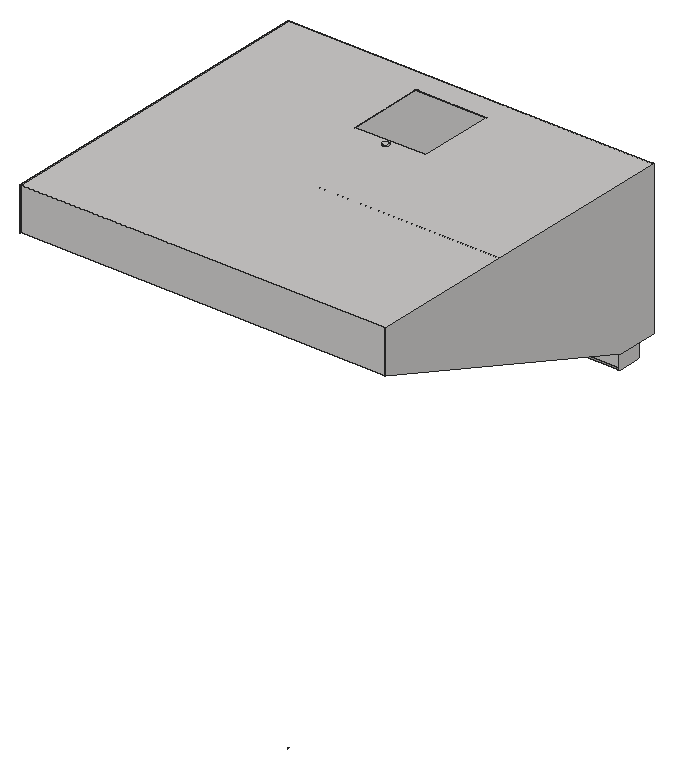
Revit family "QF_ELECTROLUXPROFESSIONAL_644212_AMPV1112DT", category Attrezzature speciali, Revit 2021
Family settings
  Quota connettore circolare = Usa diametro
  Tipo di parte = Normale
  Basato su piano di lavoro = No
  Sempre verticale = Sì
  Taglio con vuoti quando caricato = No
  Condiviso = No
  Punto di calcolo locali = No
Parameters (values of type "Standard")
  Weight = 43.00 kg
  Watts = 300 W
  Volts = 220 V
  URL Manufacturer = "https://www.electroluxprofessional.com/"
  URL = "https://www.electroluxprofessional.com/"
  Steam Supply Size = 0 mm
  Steam Supply Minimum Pressure = 0.0 Pa
  Steam Supply Maximum Pressure = 0.0 Pa
  Steam Consumption per Hour = 0
  Refrigeration Suction Line Size = 0 mm
  Refrigeration Liquid Line Size = 0 mm
  Refrigerant Compressor Remote = yes
  Prospetto di default = 0 mm
  Produttore = "Electrolux Professional"
  Phase = 1
  Modello = "AMPV1112DT"
  Length Actual = 1200 mm  # constant formula
  Item Number = "644212"
  Hot Water Size = 0 mm
  Height Actual = 500 mm  # constant formula
  HP = "0.4 HP"
  Gas Size = 0 mm
  Gas KW = 0
  Gas Input Pressure = 0 W
  Direct Waste Size = 0 mm
  Descrizione = "304 S/S WALL HOOD+FILTERS+FAN 1200X1100"
  Depth Actual = 1100 mm  # constant formula
  Cycle = 50 Hz
  Condensate Return Size = 0 mm
  Compressed Air Volume = 0.0 L/s
  Compressed Air Size = 0 mm
  Compressed Air Pressure = 0.0 Pa
  Cold Water Size = 0 mm
  Accessory = yes
Reference planes
  plane 1 "Center (Front/Back)": y = 0
  plane 2: z = 0
  plane 3 "Center (Left/Right)": x = 150
  plane 4 "LEFT": x = -450
  plane 5 "RIGHT": x = 750
  plane 6 "BACK": y = 550
  plane 7 "FRONT": y = -550
  plane 8 "Plane": z = 2000
  plane 9 "TOP": z = 2140
  plane 10 "Base": z = 1640
  plane 11: z = 1566
  plane 12 "DrainY": y = 485
  plane 13: x = -447
  plane 14: through (0, 414.509, 1640.8) normal (0, 0.7314, 0.682)
  plane 15: y = 470
  plane 16: y = 220
  plane 17 "DrainX": x = 630
  plane 18: x = 33.5
  plane 19: x = 266.5
  plane 20: x = 747
  plane 21: x = 540
  plane 22: x = 720
  plane 23: x = -410
  plane 24: x = 710
  plane 25: x = -47.5
  plane 26: x = 347.5
  plane 27: y = 200
Forms (mm)
  Extrusion 1, solid, material "QF_Finishes_Stainless Steel"
    sketch origin (-450, 0, 0) x (0, 1, 0) y (0, 0, 1)
      loop
        line (550, 1640) -> (550, 2140) -> (-550, 2140) -> (-550, 1999.112) -> (413.973, 1640) -> (550, 1640)
    from 0 to 3
  Extrusion 2, solid, material "QF_Finishes_Stainless Steel"
    sketch origin (150, 0, 0) x (0, 1, 0) y (0, 0, 1)
      loop
        line (415.255, 1640) -> (550, 1640) -> (550, 2139.19) -> (549.2, 2139.19) -> (549.2, 1640.8) -> (415.876, 1640.8) -> (339.347, 1722.867) -> (349.609, 1732.436) -> (348.927, 1733.167) -> (337.934, 1722.917) -> (415.255, 1640)
      loop
        line (-82.203, 2139.19) -> (-82.203, 2118.6) -> (-31.047, 2118.6) -> (34.354, 2048.466) -> (46.028, 2059.352) -> (45.346, 2060.083) -> (34.403, 2049.879) -> (-30.612, 2119.6) -> (-81.203, 2119.6) -> (-81.203, 2139.19) -> (-82.203, 2139.19)
    from -597 to 597
  Extrusion 3, solid, material "QF_Finishes_Stainless Steel"
    sketch origin (750, 0, 0) x (0, 1, 0) y (0, 0, 1)
      loop
        line (550, 1640) -> (550, 2140) -> (-550, 2140) -> (-550, 1999.112) -> (413.973, 1640) -> (550, 1640)
    from 0 to -3
  Extrusion 4, solid, material "QF_Finishes_Stainless Steel"
    sketch origin (150, 0, 0) x (0, 1, 0) y (0, 0, 1)
      loop
        line (-550, 2140) -> (-550, 2000) -> (-549.2, 2000) -> (-549.2, 2139.19) -> (550, 2139.19) -> (550, 2140) -> (-550, 2140)
    from -600 to 600
  Extrusion 5, solid, material "QF_Finishes_Stainless Steel"
    sketch origin (150, 0, 0) x (0, 1, 0) y (0, 0, 1)
      loop
        line (534, 1640) -> (436, 1640) -> (436, 1627) -> (443.5, 1627) -> (443.5, 1576)
        arc (443.5, 1576) -> (446.429, 1568.929) -> (453.5, 1566) r 10
        line (453.5, 1566) -> (516.5, 1566)
        arc (516.5, 1566) -> (523.571, 1568.929) -> (526.5, 1576) r 10
        line (526.5, 1576) -> (526.5, 1627) -> (534, 1627) -> (534, 1640)
    from 390 to 570
  Extrusion 6, solid, material "QF_Finishes_Stainless Steel"
    sketch origin (0, 0, 1640) x (0, 1, 0) y (-1, 0, 0)
      loop
        circle (485, -630) r 20
    from -76 to -74
  Extrusion 7, solid, material "QF_Finished_Chrome"
    sketch origin (150, 0, 0) x (0, 1, 0) y (0, 0, 1)
      loop
        line (337.934, 1722.917) -> (341.591, 1726.327) -> (38.011, 2051.876) -> (34.354, 2048.466) -> (337.934, 1722.917)
    from -197.5 to -560
  Extrusion 8, solid, material "QF_Finishes_Stainless Steel"
    sketch origin (150, 0, 0) x (0, 1, 0) y (0, 0, 1)
      loop
        line (337.934, 1722.917) -> (341.591, 1726.327) -> (38.011, 2051.876) -> (34.354, 2048.466) -> (337.934, 1722.917)
    from 597 to 560
  Extrusion 9, solid, material "QF_Finished_Chrome"
    sketch origin (150, 0, 0) x (0, 1, 0) y (0, 0, 1)
      loop
        line (341.588, 1726.324) -> (38.009, 2051.874) -> (34.354, 2048.466) -> (337.934, 1722.917) -> (341.588, 1726.324)
    from 197.5 to 560
  Extrusion 10, void
    sketch origin (0, 0, 2140) x (0, 1, 0) y (-1, 0, 0)
      loop
        line (470, -266.5) -> (470, -33.5) -> (220, -33.5) -> (220, -266.5) -> (470, -266.5)
    from 0 to -10
  Extrusion 11, solid, material "QF_Finishes_Stainless Steel"
    sketch origin (0, 0, 0) x (1, 0, 0) y (0, 1, 0)
      loop
        line (-450, 550) -> (-450, 549) -> (-449, 549) -> (-449, 550) -> (-450, 550)
    from 0 to 1
  Extrusion 12, solid, material "QF_Finishes_Stainless Steel"
    sketch origin (150, 0, 0) x (0, 1, 0) y (0, 0, 1)
      loop
        line (337.934, 1722.917) -> (341.591, 1726.327) -> (38.011, 2051.876) -> (34.354, 2048.466) -> (337.934, 1722.917)
    from -560 to -597
  Extrusion 13, solid, material "QF_Finishes_Stainless Steel"
    sketch origin (150, 0, 0) x (0, 1, 0) y (0, 0, 1)
      loop
        line (337.934, 1722.917) -> (341.591, 1726.327) -> (38.011, 2051.876) -> (34.354, 2048.466) -> (337.934, 1722.917)
    from 197.5 to -197.5
  Extrusion 14, solid, material "QF_Finishes_Stainless Steel"
    sketch origin (0, 0, 2140) x (0, 1, 0) y (-1, 0, 0)
      loop
        circle (200, -150) r 10
    from 0 to 1.6
Cuts and joins
  Extrusion 10 cuts Extrusion 4
  joined: Extrusion 2, Extrusion 4
Lines and regions (mm)
  reference lines
    curve 1: line (150, 34.354, 2048.466) -> (150, 34.354, 1888.466)
  symbolic lines, style "SpecialityEquipment", detail levels coarse
    curve 2: line (750, 550, 2140) -> (-450, 550, 2140)
    curve 3: line (-450, 550, 2140) -> (-450, -550, 2140)
    curve 4: line (750, -550, 2140) -> (750, 550, 2140)
    curve 5: line (-450, -550, 2140) -> (750, -550, 2140)
    curve 6: line (266.5, 220, 2140) -> (33.5, 220, 2140)
    curve 7: line (266.5, 470, 2140) -> (266.5, 220, 2140)
    curve 8: line (33.5, 470, 2140) -> (266.5, 470, 2140)
    curve 9: line (33.5, 220, 2140) -> (33.5, 470, 2140)
    curve 10: line (-450, -550, 0) -> (750, 550, 0)
    curve 11: line (-450, 550, 0) -> (750, -550, 0)
Dimensions and locks
  plane 4 "LEFT" to plane 5 "RIGHT" = 1200 mm
  equal spacing: plane 4 "LEFT", plane 3 "Center (Left/Right)", plane 5 "RIGHT"
  locked: plane 8 "Plane" to level at 2000
  plane 9 "TOP" to plane 8 "Plane" = 140 mm
  locked: plane 9 "TOP" to plane 10 "Base" at 500
  plane 10 "Base" to plane 11 = 74 mm
  plane 6 "BACK" to plane 12 "DrainY" = 65 mm  (x2)
  plane 4 "LEFT" to plane 13 = 3 mm
  plane 6 "BACK" to plane 15 = 80 mm
  plane 15 to plane 16 = 250 mm  (x2)
  plane 17 "DrainX" to plane 5 "RIGHT" = 120 mm
  plane 20 to plane 5 "RIGHT" = 3 mm
  locked: plane 21 to plane 17 "DrainX" at 90
  locked: plane 17 "DrainX" to plane 22 at 90
  plane 6 "BACK" to plane 7 "FRONT" = 1100 mm  (x2)
  equal spacing: plane 6 "BACK", plane 1 "Center (Front/Back)", plane 7 "FRONT"
  plane 16 to plane 7 "FRONT" = 770 mm
  plane 15 to plane 6 "BACK" = 80 mm
  locked: plane 4 "LEFT" to plane 23 at 40
  locked: plane 24 to plane 5 "RIGHT" at 40
  locked: plane 25 to plane 26 at 395
  equal spacing: plane 25, plane 3 "Center (Left/Right)", plane 26
  locked: plane 18 to plane 19 at 233
  equal spacing: plane 18, plane 3 "Center (Left/Right)", plane 19
  plane 16 to plane 27 = 20 mm
  aligned and locked: level to plane 2
  aligned and locked: Extrusion 2 to Extrusion 1
  aligned and locked: Extrusion 2 to Extrusion 3
  aligned and locked: plane 5 "RIGHT" to Extrusion 4
  aligned and locked: Extrusion 4 to plane 4 "LEFT"
  aligned and locked: plane 20 to Extrusion 8
  aligned and locked: Extrusion 10 to plane 18
  aligned and locked: Extrusion 10 to plane 16
  aligned and locked: Extrusion 10 to plane 15
  aligned and locked: Extrusion 2 to Extrusion 4
  aligned and locked: plane 22 to Extrusion 5
  aligned and locked: Extrusion 5 to plane 21
  aligned and locked: Extrusion 8 to plane 24
  aligned and locked: Extrusion 9 to plane 24
  aligned and locked: Extrusion 7 to plane 23
  aligned and locked: Extrusion 12 to plane 13
  aligned and locked: plane 23 to Extrusion 12
  aligned and locked: Extrusion 3 to plane 20
  aligned and locked: Extrusion 10 to plane 19
  aligned and locked: plane 19 to curve 7
  aligned and locked: plane 26 to Extrusion 13
  aligned and locked: Extrusion 13 to plane 25
  aligned and locked: Extrusion 9 to plane 26
Automatic sketch dimensions
  curve 5 to plane 5 "RIGHT" = 0 mm
  curve 5 to plane 7 "FRONT" = 0 mm
  curve 6 to plane 16 = 0 mm
  plane 15 to curve 8 = 0 mm
  curve 3 to plane 4 "LEFT" = 0 mm
  curve 3 to plane 6 "BACK" = 0 mm
  curve 6 to plane 18 = 0 mm
  Extrusion 1 sketch curve to plane 7 "FRONT" = 0 mm
  Extrusion 1 sketch curve to plane 10 "Base" = 0 mm
  Extrusion 1 sketch curve to plane 6 "BACK" = 0 mm
  Extrusion 1 sketch curve to plane 9 "TOP" = 0 mm
  plane 15 to Extrusion 1 sketch curve = 56.027 mm
  Extrusion 1 sketch curve to plane 8 "Plane" = 0.888 mm
  Extrusion 2 sketch curve to plane 14 = 0 mm  (x3)
  Extrusion 2 sketch curve to plane 10 "Base" = 0 mm
  plane 14 to Extrusion 2 sketch curve = 0 mm
  Extrusion 2 sketch curve to plane 6 "BACK" = 0 mm
  Extrusion 2 sketch curve to Extrusion 2 sketch curve = 65.646 mm
  Extrusion 2 sketch curve to Extrusion 2 sketch curve = 0.682 mm  (x2)
  Extrusion 2 sketch curve to Extrusion 2 sketch curve = 10.261 mm
  plane 10 "Base" to Extrusion 2 sketch curve = 82.917 mm
  Extrusion 2 sketch curve to plane 1 "Center (Front/Back)" = 46.028 mm
  Extrusion 2 sketch curve to Extrusion 2 sketch curve = 10.942 mm
  Extrusion 2 sketch curve to Extrusion 2 sketch curve = 0.049 mm
  Extrusion 2 sketch curve to plane 9 "TOP" = 20.4 mm
  Extrusion 2 sketch curve to plane 9 "TOP" = 21.4 mm
  Extrusion 2 sketch curve to plane 9 "TOP" = 0.81 mm  (x2)
  Extrusion 2 sketch curve to Extrusion 2 sketch curve = 50.156 mm
  Extrusion 2 sketch curve to Extrusion 2 sketch curve = 1 mm
  plane 10 "Base" to Extrusion 2 sketch curve = 0.8 mm
  Extrusion 2 sketch curve to plane 6 "BACK" = 0.8 mm
  Extrusion 3 sketch curve to plane 7 "FRONT" = 0 mm
  Extrusion 3 sketch curve to plane 10 "Base" = 0 mm
  Extrusion 3 sketch curve to plane 6 "BACK" = 0 mm
  Extrusion 3 sketch curve to plane 9 "TOP" = 0 mm
  plane 15 to Extrusion 3 sketch curve = 56.027 mm
  Extrusion 3 sketch curve to plane 8 "Plane" = 0.888 mm
  Extrusion 4 sketch curve to plane 7 "FRONT" = 0 mm
  Extrusion 4 sketch curve to plane 8 "Plane" = 0 mm
  Extrusion 4 sketch curve to plane 6 "BACK" = 0 mm
  Extrusion 4 sketch curve to plane 9 "TOP" = 0 mm
  plane 7 "FRONT" to Extrusion 4 sketch curve = 0.8 mm
  Extrusion 4 sketch curve to plane 9 "TOP" = 0.81 mm
  curve 1 to plane 14 = 0 mm
  curve 1 to plane 1 "Center (Front/Back)" = 34.354 mm
  curve 1 to plane 8 "Plane" = 111.534 mm
  Extrusion 5 sketch curve to plane 10 "Base" = 0 mm
  Extrusion 5 sketch curve to plane 11 = 0 mm
  Extrusion 5 sketch curve to plane 10 "Base" = 13 mm  (x2)
  plane 15 to Extrusion 5 sketch curve = 34 mm
  Extrusion 5 sketch curve to Extrusion 5 sketch curve = 7.5 mm  (x2)
  Extrusion 5 sketch curve to Extrusion 5 sketch curve = 10 mm
  plane 12 "DrainY" to Extrusion 5 sketch curve = 31.5 mm
  Extrusion 5 sketch curve to plane 6 "BACK" = 23.5 mm
  Extrusion 6 sketch curve to plane 12 "DrainY" = 0 mm
  Extrusion 6 sketch curve to plane 17 "DrainX" = 0 mm
  Extrusion 7 sketch curve to plane 14 = 0 mm  (x2)
  Extrusion 7 sketch curve to plane 1 "Center (Front/Back)" = 34.354 mm
  Extrusion 7 sketch curve to Extrusion 7 sketch curve = 3.657 mm
  plane 10 "Base" to Extrusion 7 sketch curve = 82.917 mm
  Extrusion 8 sketch curve to plane 14 = 0 mm  (x2)
  Extrusion 8 sketch curve to plane 1 "Center (Front/Back)" = 34.354 mm
  Extrusion 8 sketch curve to Extrusion 8 sketch curve = 3.657 mm
  plane 10 "Base" to Extrusion 8 sketch curve = 82.917 mm
  Extrusion 9 sketch curve to plane 14 = 0 mm  (x2)
  Extrusion 9 sketch curve to plane 1 "Center (Front/Back)" = 34.354 mm
  Extrusion 9 sketch curve to Extrusion 9 sketch curve = 3.655 mm
  plane 10 "Base" to Extrusion 9 sketch curve = 82.917 mm
  Extrusion 10 sketch curve to plane 16 = 0 mm
  plane 15 to Extrusion 10 sketch curve = 0 mm
  Extrusion 10 sketch curve to plane 19 = 0 mm
  Extrusion 10 sketch curve to plane 18 = 0 mm
  Extrusion 11 sketch curve to plane 4 "LEFT" = 0 mm
  Extrusion 11 sketch curve to plane 6 "BACK" = 0 mm
  plane 4 "LEFT" to Extrusion 11 sketch curve = 1 mm
  Extrusion 11 sketch curve to Extrusion 11 sketch curve = 1 mm
  Extrusion 12 sketch curve to plane 14 = 0 mm  (x2)
  Extrusion 12 sketch curve to plane 1 "Center (Front/Back)" = 34.354 mm
  Extrusion 12 sketch curve to Extrusion 12 sketch curve = 3.657 mm
  plane 10 "Base" to Extrusion 12 sketch curve = 82.917 mm
  Extrusion 13 sketch curve to plane 14 = 0 mm  (x2)
  Extrusion 13 sketch curve to plane 1 "Center (Front/Back)" = 34.354 mm
  Extrusion 13 sketch curve to Extrusion 13 sketch curve = 3.657 mm
  plane 10 "Base" to Extrusion 13 sketch curve = 82.917 mm
  curve 11 to plane 4 "LEFT" = 0 mm
  curve 10 to plane 4 "LEFT" = 0 mm
  curve 11 to plane 5 "RIGHT" = 0 mm
  curve 10 to plane 5 "RIGHT" = 0 mm
  curve 11 to plane 7 "FRONT" = 0 mm
  curve 10 to plane 7 "FRONT" = 0 mm
  curve 11 to plane 6 "BACK" = 0 mm
  curve 10 to plane 6 "BACK" = 0 mm
  Extrusion 14 sketch curve to plane 3 "Center (Left/Right)" = 0 mm
  plane 27 to Extrusion 14 sketch curve = 0 mm
  radius of Extrusion 6 sketch curve = 20 mm
  radius of Extrusion 14 sketch curve = 10 mm
Connectors
  piping at (630, 485, 1564), diameter 20
    settings: on Extrusion 6, index 1, connector inside diameter 609.6 mm, connector length 0 mm, flow factor 0, pipe flow 0.0 L/s, pressure drop 0.0 Pa, fitting loss kfactor 0, connector angle 0.00°, fixture units 0, engagement length 0 mm, angle of deflection 0.00°, flow configuration 1, flow direction 2, fitting loss method 0, system type 16, joint type 0, gender type 0, connector reference index -1, connector utility 0, adjustable connector no, is connector primary yes, connector description "Drain"
  hvac at (150, 345, 2140)
    settings: on Extrusion 10, index 2, duct flow 0.0 L/s, flow factor 0, pres drop 0.0 Pa, loss coef 0, conn angle 0.00°, conn width 250 mm, conn height 233 mm, conn diameter 609.6 mm, duct sys type 3, conn prof type 1, flow config 0, flow direction 2, loss method 0, conn ref index -1, conn util no, is conn primary yes, conn desc "EXHAUST OUTLET"
  electrical at (150, 200, 2141.6), driven by "Volts"
    settings: on Extrusion 14, index 3, voltage 220 V, apparent load 0 VA, apparent load phase1 0 VA, apparent load phase2 0 VA, apparent load phase3 0 VA, power factor 1, load classification "Other", number of poles 1, system type 30, power factor state 1, is connector primary yes, connector utility no, sub classification motor no, connector description "Electrical Connection"
